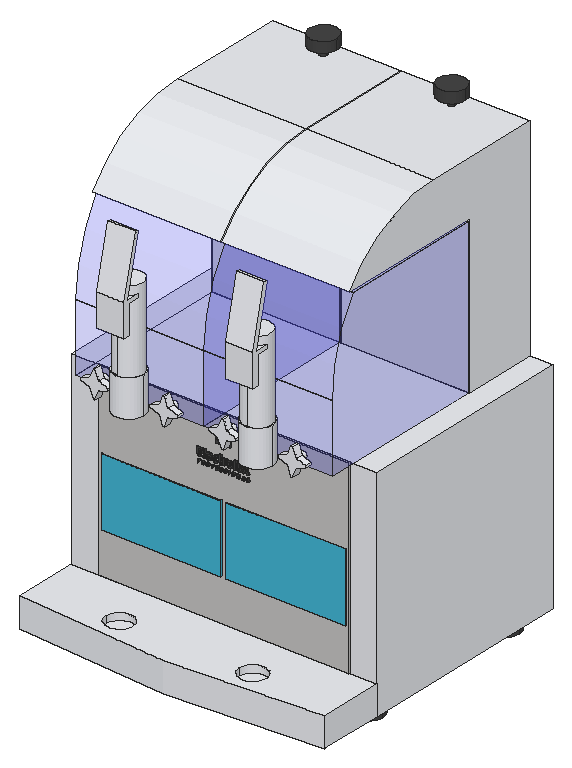
Revit family "QF_ELECTROLUXPROFESSIONAL_562529_GT2TR290", category Attrezzature speciali, Revit 2020
Family settings
  Quota connettore circolare = Usa diametro
  Tipo di parte = Normale
  Basato su piano di lavoro = No
  Sempre verticale = Sì
  Taglio con vuoti quando caricato = No
  Condiviso = No
  Punto di calcolo locali = No
Parameters (values of type "Standard")
  Weight = 46.00 kg
  Watts = 600 W
  Volts = 220 V
  URL Manufacturer = "https://www.electroluxprofessional.com/"
  URL = "https://www.electroluxprofessional.com/"
  Steam Supply Size = 0 mm
  Steam Supply Minimum Pressure = 0.0 Pa
  Steam Supply Maximum Pressure = 0.0 Pa
  Steam Consumption per Hour = 0
  Show Logo [instance] = yes
  Show Clearance [instance] = yes
  Refrigeration Suction Line Size = 0 mm
  Refrigeration Liquid Line Size = 0 mm
  Refrigerant Compressor Remote = yes
  Prospetto di default = 0 mm
  Produttore = "Electrolux Professional"
  Phase = 1
  Modello = "GT2TR290"
  Length Actual = 450 mm  # constant formula
  Item Number = "562529"
  Hot Water Size = 0 mm
  Height Actual = 650 mm  # constant formula
  HP = "0.8 HP"
  Gas Size = 0 mm
  Gas KW = 0
  Gas Input Pressure = 0 W
  Direct Waste Size = 0 mm
  Descrizione = "2X5 LT BOWL - FROZEN GRANITA, FROZEN CREAMS AND SOFT ICE CREAM DISPENSER - 2 INSULATED BOWLS -TOUCH SCREEN-WHITE,R290-UK"
  Depth Actual = 435 mm  # constant formula
  Cycle = 50 Hz
  Condensate Return Size = 0 mm
  Compressed Air Volume = 0.0 L/s
  Compressed Air Size = 0 mm
  Compressed Air Pressure = 0.0 Pa
  Cold Water Size = 0 mm
  Accessory = yes
Reference planes
  plane 1: z = 0
  plane 2 "LEFT": x = -300
  plane 3 "BACK": y = 282.5
  plane 4: z = 648.875
  plane 5: z = 340
  plane 6: z = 63
  plane 7: z = 677
  plane 8: x = 147
  plane 9: y = -149.837
Forms (mm)
  Extrusion 1, solid, material "QF_Finishes_White"
    sketch origin (0, -1.353, -30) x (1, 0, 0) y (0, 1, 0)
      loop
        line (-300, 283.853) -> (-300, -38.484) -> (147, -38.484) -> (147, 283.853) -> (-300, 283.853)
    from 50 to 370
  Extrusion 2, solid, material "QF_Finishes_Stainless Steel"
    sketch origin (16.697, 123.163, -87.462) x (1, 0, 0) y (0, 1, 0)
      loop
        line (90.303, -163) -> (-276.697, -163) -> (-276.697, -163.8) -> (90.303, -163.8) -> (90.303, -163)
    from 150.462 to 427.462
  Extrusion 3, solid, material "QF_Finishes_Stainless Steel"
    sketch origin (-356.596, -170.677, 18) x (0, -1, 0) y (1, 0, 0)
      loop
        line (-163.023, 407.596) -> (-163.023, 427.596) -> (-183.023, 427.596) -> (-183.023, 407.596) -> (-163.023, 407.596)
    from 0 to 2
Dimensions and locks
  plane 4 to level = 648.875 mm
  level to plane 7 = 677 mm
  plane 6 to level = 63 mm
  plane 5 to plane 6 = 277 mm
  plane 2 "LEFT" to plane 8 = 447 mm
  plane 9 to plane 3 "BACK" = 432.337 mm
  plane 5 to nested 11 = 246.5 mm
  plane 3 "BACK" to plane 9 = 432.337 mm
  aligned and locked: level to plane 1
Nested families
  nested 1: "MANOPOLA BEVERAGE" at (-220, -78.664, 353.538) x (0, 0, 1) z (0, -1, 0), type "MANOPOLA BEVERAGE"
  nested 2: "MANOPOLA BEVERAGE" at (-118, -78.664, 353.538) x (0, 0, 1) z (0, -1, 0), type "MANOPOLA BEVERAGE"
  nested 3: "PORTAGRANITE BEVERAGE-fat" at (-169, 107.419, 340), type "PORTAGRANITE BEVERAGE-fat"
  nested 4: "VASCHETTA BEVERAGE_Large_Doppio" at (-76.5, -39.837, 41.5) x (1, 0, 0) z (0, -1, 0), type "VASCHETTA BEVERAGE_Large_Doppio"
  nested 5: "ELX_LOGO_MONO_SMALL" at (-86.42, -40.637, 259.538) x (-1, 0, 0) z (0, -1, 0), Show Logo <- "Show Logo", visible <- "Show Logo", type "ELX_LOGO_MONO_SMALL"
  nested 6: "ELX_LOGO_WORDS" at (-76.5, -40.637, 274.149) x (1, 0, 0) z (0, -1, 0), visible <- "Show Logo", Show Logo <- "Show Logo", type "ELX_LOGO_WORDS"
  nested 7: "Piedino 20x19 mm - Beverage" at (-264, 240.5, 0), type "Piedino 20x19 mm - Beverage"
  nested 8: "Piedino 20x19 mm - Beverage" at (-264, -9.5, 0), type "Piedino 20x19 mm - Beverage"
  nested 9: "Piedino 20x19 mm - Beverage" at (113, 240.5, 0), type "Piedino 20x19 mm - Beverage"
  nested 10: "Piedino 20x19 mm - Beverage" at (113, -9.5, 0), type "Piedino 20x19 mm - Beverage"
  nested 11: "BOCCHETTONE BEVERAGE_Tozzo" at (-167.625, -78.664, 463) x (1, 0, 0) z (0, -1, 0), type "BOCCHETTONE BEVERAGE_Tozzo"
  nested 12: "MANOPOLA APERTURA BEVERAGE " at (-169, 257.5, 648.875) x (-1, 0, 0) z (0, 0, 1), type "MANOPOLA APERTURA BEVERAGE "
  nested 13: "PORTAGRANITE BEVERAGE-fat" at (19, 107.419, 340) x (-1, 0, 0) z (0, 0, 1), type "PORTAGRANITE BEVERAGE-fat"
  nested 14: "MANOPOLA APERTURA BEVERAGE " at (19, 257.5, 648.875), type "MANOPOLA APERTURA BEVERAGE "
  nested 15: "BOCCHETTONE BEVERAGE_Tozzo" at (21, -78.664, 463) x (-1, 0, 0) z (0, -1, 0), type "BOCCHETTONE BEVERAGE_Tozzo"
  nested 16: "MANOPOLA BEVERAGE" at (-32, -78.664, 353.538) x (0, 0, 1) z (0, -1, 0), type "MANOPOLA BEVERAGE"
  nested 17: "MANOPOLA BEVERAGE" at (70, -78.664, 353.538) x (0, 0, 1) z (0, -1, 0), type "MANOPOLA BEVERAGE"
  nested 18: "SCHERMO_TOUCH_BEVERAGE" at (-167.625, -40.637, 175) x (1, 0, 0) z (0, -1, 0), type "SCHERMO_TOUCH_BEVERAGE"
    with Show Logo yes
  nested 19: "SCHERMO_TOUCH_BEVERAGE" at (15.125, -40.637, 175) x (-1, 0, 0) z (0, -1, 0), type "SCHERMO_TOUCH_BEVERAGE"
    with Show Logo yes
Connectors
  electrical at (61, 2.346, 18), driven by "Volts"
    settings: on Extrusion 3, index 73, voltage 220 V, apparent load 0 VA, apparent load phase1 0 VA, apparent load phase2 0 VA, apparent load phase3 0 VA, power factor 1, load classification "Altro", number of poles 1, system type 30, power factor state 1, is connector primary yes, connector utility no, sub classification motor no, connector description "Electrical Connection"
Definition of nested family "MANOPOLA BEVERAGE"
  Parameters (values of type "MANOPOLA BEVERAGE")
    Default Elevation = 1219.2 mm
  Reference planes
    plane 1 "Centro (Fronte/Retro)": y = 0
    plane 2: z = 0
    plane 3 "Centro (Sinistra/Destra)": x = 0
    plane 4: z = 20
  Forms (mm)
    Extrusion 1, solid
      sketch origin (0, 0, 0) x (1, 0, 0) y (0, 1, 0)
        loop
          line (-1219.2, 1219.2) -> (-1219.2, -1219.2) -> (1219.2, -1219.2) -> (1219.2, 1219.2) -> (-1219.2, 1219.2)
      from 0 to -304.8
    Extrusion 2, solid
      sketch origin (0, 0, 10) x (1, 0, 0) y (0, 1, 0)
        loop
          line (-20, -1.333) -> (-6.314, -6.314) -> (-1.333, -20) -> (1.333, -20) -> (6.314, -6.314) -> (20, -1.333) -> (20, 1.333) -> (6.314, 6.314) -> (1.333, 20) -> (-1.333, 20) -> (-6.314, 6.314) -> (-20, 1.333) -> (-20, -1.333)
      from 0 to 10
    Extrusion 3, solid
      sketch origin (0, 0, 0) x (1, 0, 0) y (0, 1, 0)
        loop
          circle (0, 0) r 5
      from 0 to 10
  Dimensions and locks
    aligned and locked: plane 2 to Extrusion 1
    aligned and locked: level to Extrusion 1
Definition of nested family "PORTAGRANITE BEVERAGE-fat"
  Parameters (values of type "PORTAGRANITE BEVERAGE-fat")
    Default Elevation = 1219.2 mm
  Reference planes
    plane 1 "Centro (Fronte/Retro)": y = 0
    plane 2: z = 0
    plane 3 "Centro (Sinistra/Destra)": x = 0
    plane 4: x = -94
    plane 5: x = 94
  Forms (mm)
    Extrusion 1, solid
      sketch origin (0, 0, 0) x (1, 0, 0) y (0, 1, 0)
        loop
          line (-1219.2, 1219.2) -> (-1219.2, -1219.2) -> (1219.2, -1219.2) -> (1219.2, 1219.2) -> (-1219.2, 1219.2)
      from 0 to -304.8
    Extrusion 2, solid
      sketch origin (-94, -107.419, -376) x (0, 1, 0) y (0, 0, 1)
        loop
          line (172.5, 604.875) -> (172.5, 376) -> (282.5, 376) -> (282.5, 684.875) -> (107.419, 684.875)
          arc (107.419, 684.875) -> (20.241, 663.694) -> (-47.5, 604.875) r 190
          line (-47.5, 604.875) -> (172.5, 604.875)
      from 0 to 188
    Extrusion 3, solid
      sketch origin (-101.5, -107.419, -378) x (0, 1, 0) y (0, 0, 1)
        loop
          line (170.5, 378) -> (170.5, 603) -> (-39.5, 603)
          arc (-39.5, 603) -> (-68.644, 543.496) -> (-78.664, 478) r 219.065
          line (-78.664, 478) -> (-78.664, 378) -> (170.5, 378)
      from 7.5 to 195.5
  Dimensions and locks
    plane 4 to plane 5 = 188 mm  (x2)
    Extrusion 2 sketch curve to Extrusion 2 sketch curve = 330 mm
    Extrusion 2 to Extrusion 3 sketch curve = 361.164 mm
    Extrusion 2 sketch curve to Extrusion 1 = 308.875 mm
    Extrusion 2 to Extrusion 3 = 361.164 mm
    Extrusion 2 to Extrusion 1 = 308.875 mm
    aligned and locked: plane 2 to Extrusion 1
    aligned and locked: level to Extrusion 1
Definition of nested family "VASCHETTA BEVERAGE_Large_Doppio"
  Parameters (values of type "VASCHETTA BEVERAGE_Large_Doppio")
    Default Elevation = 1219.2 mm
    Length = 447 mm
    Heigth = 43 mm
    Deep = 110 mm
  Reference planes
    plane 1 "Centro (Fronte/Retro)": y = 0
    plane 2: z = 0
    plane 3 "Centro (Sinistra/Destra)": x = 0
    plane 4: z = 110
    plane 5: x = 223.5
    plane 6: x = -223.5
  Forms (mm)
    Extrusion 1, solid
      sketch origin (0, 0, 0) x (1, 0, 0) y (0, 1, 0)
        loop
          line (-1219.2, 1219.2) -> (-1219.2, -1219.2) -> (1219.2, -1219.2) -> (1219.2, 1219.2) -> (-1219.2, 1219.2)
      from 0 to -304.8
    Extrusion 2, void
      sketch origin (104.75, -88.5, -175) x (1, 0, 0) y (0, 0, -1)
        loop
          circle (-202.5, -244.664) r 20
      from 100 to 110
    Extrusion 3, solid
      sketch origin (0, -2.5, 0) x (1, 0, 0) y (0, 0, 1)
        loop
          arc (223.5, 95) -> (0, 110) -> (-223.5, 95) r 1672.575
          line (-223.5, 95) -> (-223.5, 0) -> (223.5, 0) -> (223.5, 95)
      from -24 to 19
    Extrusion 4, void
      sketch origin (-104.75, -88.5, -175) x (-1, 0, 0) y (0, 0, 1)
        loop
          circle (-202.5, 244.664) r 20
      from 100 to 110
  Cuts and joins
    Extrusion 2, Extrusion 4 cuts Extrusion 3
  Dimensions and locks
    "Heigth": Extrusion 3 to Extrusion 3
    "Length": plane 6 to plane 5
    "Deep": Extrusion 1 to plane 4
    aligned and locked: plane 2 to Extrusion 1
    aligned and locked: level to Extrusion 1
  Automatic sketch dimensions
    Extrusion 1 sketch curve to Extrusion 1 sketch curve = 2438.4 mm  (x2)
    plane 4 to Extrusion 2 sketch curve = 40.336 mm
    Extrusion 3 sketch curve to level = 0 mm
    plane 6 to Extrusion 3 sketch curve = 0 mm
    plane 3 "Centro (Sinistra/Destra)" to Extrusion 3 sketch curve = 0 mm
    plane 5 to Extrusion 3 sketch curve = 0 mm
    Extrusion 3 sketch curve to level = 1562.575 mm
    plane 4 to Extrusion 3 sketch curve = 15 mm
    plane 4 to Extrusion 4 sketch curve = 40.336 mm
    Extrusion 2 sketch curve to plane 3 "Centro (Sinistra/Destra)" = 97.75 mm
    plane 3 "Centro (Sinistra/Destra)" to Extrusion 4 sketch curve = 97.75 mm
    radius of Extrusion 2 sketch curve = 20 mm
    radius of Extrusion 4 sketch curve = 20 mm
Definition of nested family "ELX_LOGO_MONO_SMALL"
  Parameters (values of type "ELX_LOGO_MONO_SMALL")
    Show Logo [instance] = yes
    Default Elevation = 1219.2 mm
  Reference planes
    plane 1 "Center (Front/Back)": y = -49
    plane 2: z = 0
    plane 3 "Center (Left/Right)": x = -9.92
  Forms (mm)
    Extrusion 1, solid
      sketch origin (0, 0, 0) x (1, 0, 0) y (0, 1, 0)
        loop
          line (-1219.2, 1219.2) -> (-1219.2, -1219.2) -> (1219.2, -1219.2) -> (1219.2, 1219.2) -> (-1219.2, 1219.2)
      from 0 to -304.8
    Extrusion 2, solid, visible <- "Show Logo"
      sketch origin (84.462, 509.781, 0) x (1, 0, 0) y (0, 1, 0)
        loop
          line (-97.132, -567.787) -> (-97.132, -549.816)
          arc (-97.132, -549.816) -> (-103.775, -558.801) -> (-97.132, -567.787) r 9.398
        loop
          arc (-96.218, -567.787) -> (-88.745, -566.088) -> (-85.144, -559.322) r 9.21
          line (-85.144, -559.322) -> (-88.117, -559.322)
          arc (-88.117, -559.322) -> (-93.428, -561.478) -> (-96.218, -566.485) r 8.633
          line (-96.218, -566.485) -> (-96.218, -567.787)
        loop
          arc (-96.218, -551.117) -> (-93.428, -556.124) -> (-88.117, -558.28) r 8.633
          line (-88.117, -558.28) -> (-85.144, -558.28)
          arc (-85.144, -558.28) -> (-88.739, -551.459) -> (-96.218, -549.585) r 9.451
          line (-96.218, -549.585) -> (-96.218, -551.117)
        loop
          line (-84.462, -568.767) -> (-84.462, -548.794) -> (-104.462, -548.794) -> (-104.462, -568.767) -> (-84.462, -568.767)
      from 0 to 1.644
  Dimensions and locks
    aligned and locked: plane 2 to Extrusion 1
    aligned and locked: level to Extrusion 1
Definition of nested family "ELX_LOGO_WORDS"
  Parameters (values of type "ELX_LOGO_WORDS")
    Show Logo [instance] = yes
    Default Elevation = 0 mm
  Reference planes
    plane 1 "Centro (Fronte/Retro)": y = 0
    plane 2: z = 0
    plane 3 "Centro (Sinistra/Destra)": x = 0
  Forms (mm)
    Extrusion 1, solid
      sketch origin (0, 0, 0) x (1, 0, 0) y (0, 1, 0)
        loop
          line (-1219.2, 1219.2) -> (-1219.2, -1219.2) -> (1219.2, -1219.2) -> (1219.2, 1219.2) -> (-1219.2, 1219.2)
      from 0 to -304.8
    Extrusion 2, solid, visible <- "Show Logo"
      sketch origin (0, 0, 0) x (1, 0, 0) y (0, 1, 0)
        loop
          line (-30.234, 10.561) -> (-37.67, 10.561) -> (-37.67, 1.902)
          arc (-37.67, 1.902) -> (-36.691, -0.461) -> (-34.329, -1.439) r 3.341
          line (-34.329, -1.439) -> (-30.09, -1.439) -> (-30.09, 0.503) -> (-33.845, 0.503)
          arc (-33.845, 0.503) -> (-35.079, 0.92) -> (-35.604, 2.112) r 1.615
          line (-35.604, 2.112) -> (-35.604, 3.829) -> (-30.555, 3.829) -> (-30.555, 5.779) -> (-35.604, 5.779) -> (-35.604, 8.617) -> (-30.234, 8.617) -> (-30.234, 10.561)
        loop
          line (-28.622, 10.561) -> (-28.622, -1.439) -> (-26.555, -1.439) -> (-26.555, 10.561) -> (-28.622, 10.561)
        loop
          line (16.27, 10.561) -> (16.27, -1.439) -> (18.338, -1.439) -> (18.338, 10.561) -> (16.27, 10.561)
        loop
          line (-23.137, 2.393) -> (-16.354, 2.393)
          arc (-16.354, 2.393) -> (-17.415, 6.119) -> (-21.043, 7.478) r 4.298
          arc (-21.043, 7.478) -> (-24.239, 5.857) -> (-25.151, 2.393) r 4.373
          arc (-25.151, 2.393) -> (-23.951, -0.505) -> (-21.053, -1.705) r 4.097
          arc (-21.053, -1.705) -> (-18.799, -1.372) -> (-16.908, -0.099) r 5.15
          line (-16.908, -0.099) -> (-18.133, 1.125)
          arc (-18.133, 1.125) -> (-19.74, 0.161) -> (-21.607, 0.323) r 3.039
          arc (-21.607, 0.323) -> (-22.746, 1.081) -> (-23.137, 2.393) r 2.013
        loop
          line (-23.085, 3.846) -> (-18.431, 3.846)
          arc (-18.431, 3.846) -> (-19.084, 5.22) -> (-20.519, 5.727) r 1.983
          arc (-20.519, 5.727) -> (-22.175, 5.295) -> (-23.085, 3.846) r 2.321
        loop
          line (-8.297, 4.711) -> (-6.999, 6.009)
          arc (-6.999, 6.009) -> (-8.627, 7.187) -> (-10.604, 7.539) r 4.497
          arc (-10.604, 7.539) -> (-13.621, 6.437) -> (-15.204, 3.642) r 4.652
          arc (-15.204, 3.642) -> (-12.536, -1.257) -> (-7.072, -0.127) r 4.684
          line (-7.072, -0.127) -> (-8.363, 1.163)
          arc (-8.363, 1.163) -> (-11.149, 0.242) -> (-13.145, 2.393) r 2.714
          arc (-13.145, 2.393) -> (-13.006, 4.094) -> (-11.835, 5.335) r 2.578
          arc (-11.835, 5.335) -> (-9.96, 5.621) -> (-8.297, 4.711) r 2.961
        loop
          line (-5.73, 10.561) -> (-5.73, 2.36)
          arc (-5.73, 2.36) -> (-5.551, 1.13) -> (-5.09, -0.025) r 5.301
          arc (-5.09, -0.025) -> (-3.615, -1.198) -> (-1.746, -1.445) r 3.531
          line (-1.746, -1.445) -> (-1.746, 0.492)
          arc (-1.746, 0.492) -> (-2.302, 0.534) -> (-2.82, 0.74) r 1.862
          arc (-2.82, 0.74) -> (-3.484, 1.442) -> (-3.662, 2.393) r 1.713
          line (-3.662, 2.393) -> (-3.662, 5.362) -> (-1.785, 5.362) -> (-1.785, 7.24) -> (-3.662, 7.24) -> (-3.662, 10.561) -> (-5.73, 10.561)
        loop
          arc (2.004, 3.123) -> (2.152, 3.988) -> (2.578, 4.755) r 2.607
          arc (2.578, 4.755) -> (3.817, 5.391) -> (5.208, 5.362) r 2.84
          line (5.208, 5.362) -> (5.208, 7.349)
          arc (5.208, 7.349) -> (3.39, 7.177) -> (2.004, 5.989) r 3.016
          line (2.004, 5.989) -> (2.004, 7.24) -> (-0.046, 7.24) -> (-0.046, -1.439) -> (2.004, -1.439) -> (2.004, 3.123)
        loop
          circle (10.262, 2.899) r 4.599
        loop
          circle (10.262, 2.899) r 2.787
        loop
          arc (25.793, 2.175) -> (25.283, 0.772) -> (23.898, 0.213) r 1.835
          arc (23.898, 0.213) -> (22.514, 0.772) -> (22.004, 2.175) r 1.835
          line (22.004, 2.175) -> (22.004, 7.24) -> (19.919, 7.24) -> (19.919, 2.003)
          arc (19.919, 2.003) -> (21.105, -0.701) -> (23.898, -1.659) r 3.675
          arc (23.898, -1.659) -> (26.723, -0.672) -> (27.877, 2.088) r 3.675
          line (27.877, 2.088) -> (27.877, 7.24) -> (25.793, 7.24) -> (25.793, 2.175)
        loop
          line (29.126, 7.24) -> (32.128, 3.164) -> (28.83, -1.442) -> (31.052, -1.442) -> (33.241, 1.615) -> (35.462, -1.442) -> (37.67, -1.442) -> (34.419, 3.211) -> (37.392, 7.24) -> (35.135, 7.24) -> (33.234, 4.663) -> (31.362, 7.24) -> (29.126, 7.24)
        loop
          line (-35.875, -6.414) -> (-37.523, -6.414) -> (-37.523, -10.564) -> (-36.621, -10.564) -> (-36.621, -9.135) -> (-35.625, -9.135)
          arc (-35.625, -9.135) -> (-34.509, -7.66) -> (-35.875, -6.414) r 1.372
        loop
          arc (-35.664, -8.32) -> (-35.322, -7.786) -> (-35.664, -7.253) r 0.587
          line (-35.664, -7.253) -> (-36.621, -7.253) -> (-36.621, -8.32) -> (-35.664, -8.32)
        loop
          line (-29.363, -6.414) -> (-31.04, -6.414) -> (-31.04, -10.564) -> (-30.138, -10.564) -> (-30.138, -9.135) -> (-29.265, -9.135) -> (-28.669, -10.564) -> (-27.7, -10.564) -> (-28.516, -8.814)
          arc (-28.516, -8.814) -> (-28.125, -8.347) -> (-27.994, -7.752) r 1.281
          arc (-27.994, -7.752) -> (-28.406, -6.804) -> (-29.363, -6.414) r 1.37
        loop
          line (-30.138, -7.253) -> (-30.138, -8.32) -> (-29.18, -8.32)
          arc (-29.18, -8.32) -> (-28.839, -7.786) -> (-29.18, -7.253) r 0.587
          line (-29.18, -7.253) -> (-30.138, -7.253)
        loop
          circle (-22.402, -8.489) r 2.156
        loop
          circle (-22.402, -8.489) r 1.368
        loop
          line (-16.703, -6.414) -> (-16.703, -10.564) -> (-15.823, -10.564) -> (-15.823, -9.114) -> (-14.261, -9.114) -> (-14.261, -8.184) -> (-15.823, -8.184) -> (-15.823, -7.308) -> (-14.111, -7.308) -> (-14.111, -6.414) -> (-16.703, -6.414)
        loop
          line (-10.611, -6.414) -> (-10.611, -9.216)
          arc (-10.611, -9.216) -> (-10.229, -10.166) -> (-9.284, -10.561) r 1.327
          line (-9.284, -10.561) -> (-7.945, -10.561) -> (-7.945, -9.777) -> (-9.204, -9.777)
          arc (-9.204, -9.777) -> (-9.668, -9.394) -> (-9.759, -8.799) r 0.845
          line (-9.759, -8.799) -> (-8.1, -8.799) -> (-8.1, -8.015) -> (-9.759, -8.015) -> (-9.759, -7.198) -> (-7.985, -7.198) -> (-7.985, -6.414) -> (-10.611, -6.414)
        loop
          arc (4.417, -6.94) -> (3.867, -6.489) -> (3.171, -6.345) r 1.485
          arc (3.171, -6.345) -> (2.528, -6.503) -> (2, -6.902) r 1.645
          arc (2, -6.902) -> (1.902, -7.844) -> (2.51, -8.571) r 1.217
          arc (2.51, -8.571) -> (3.021, -8.741) -> (3.506, -8.976) r 4.201
          arc (3.506, -8.976) -> (3.812, -9.337) -> (3.601, -9.761) r 0.43
          arc (3.601, -9.761) -> (3.209, -9.853) -> (2.819, -9.754) r 0.846
          arc (2.819, -9.754) -> (2.482, -9.511) -> (2.275, -9.15) r 0.983
          line (2.275, -9.15) -> (1.549, -9.489)
          arc (1.549, -9.489) -> (1.811, -9.993) -> (2.232, -10.374) r 1.595
          arc (2.232, -10.374) -> (2.71, -10.578) -> (3.227, -10.63) r 1.719
          arc (3.227, -10.63) -> (3.867, -10.503) -> (4.442, -10.197) r 2.246
          arc (4.442, -10.197) -> (4.697, -9.52) -> (4.566, -8.81) r 1.349
          arc (4.566, -8.81) -> (4.282, -8.482) -> (3.919, -8.245) r 1.564
          arc (3.919, -8.245) -> (3.46, -8.04) -> (2.99, -7.864) r 8.236
          arc (2.99, -7.864) -> (2.718, -7.441) -> (3.111, -7.128) r 0.375
          arc (3.111, -7.128) -> (3.581, -7.241) -> (3.943, -7.563) r 0.998
          line (3.943, -7.563) -> (4.417, -6.94)
        loop
          line (8.225, -6.414) -> (8.225, -10.561) -> (9.077, -10.561) -> (9.077, -6.414) -> (8.225, -6.414)
        loop
          circle (14.827, -8.488) r 1.29
        loop
          circle (14.827, -8.488) r 2.154
        loop
          line (20.548, -10.561) -> (21.409, -10.561) -> (21.409, -7.954) -> (23.306, -10.561) -> (24.135, -10.561) -> (24.135, -6.414) -> (23.274, -6.414) -> (23.274, -9.101) -> (21.377, -6.414) -> (20.548, -6.414) -> (20.548, -10.561)
        loop
          line (28.435, -10.561) -> (28.839, -9.667) -> (30.373, -9.667) -> (30.777, -10.561) -> (31.693, -10.561) -> (29.942, -6.414) -> (29.142, -6.414) -> (27.519, -10.561) -> (28.435, -10.561)
        loop
          line (29.99, -8.816) -> (29.579, -7.905) -> (29.18, -8.816) -> (29.99, -8.816)
        loop
          line (35.929, -9.777) -> (35.929, -6.414) -> (35.076, -6.414) -> (35.076, -10.561) -> (37.523, -10.561) -> (37.523, -9.777) -> (35.929, -9.777)
        loop
          arc (-1.8, -6.94) -> (-2.35, -6.489) -> (-3.046, -6.345) r 1.485
          arc (-3.046, -6.345) -> (-3.689, -6.503) -> (-4.218, -6.902) r 1.645
          arc (-4.218, -6.902) -> (-4.316, -7.844) -> (-3.708, -8.571) r 1.217
          arc (-3.708, -8.571) -> (-3.197, -8.741) -> (-2.712, -8.976) r 4.201
          arc (-2.712, -8.976) -> (-2.405, -9.337) -> (-2.616, -9.761) r 0.43
          arc (-2.616, -9.761) -> (-3.008, -9.853) -> (-3.399, -9.754) r 0.846
          arc (-3.399, -9.754) -> (-3.736, -9.511) -> (-3.942, -9.15) r 0.983
          line (-3.942, -9.15) -> (-4.668, -9.489)
          arc (-4.668, -9.489) -> (-4.407, -9.993) -> (-3.985, -10.374) r 1.595
          arc (-3.985, -10.374) -> (-3.507, -10.578) -> (-2.99, -10.63) r 1.719
          arc (-2.99, -10.63) -> (-2.351, -10.503) -> (-1.775, -10.197) r 2.246
          arc (-1.775, -10.197) -> (-1.521, -9.52) -> (-1.652, -8.81) r 1.349
          arc (-1.652, -8.81) -> (-1.936, -8.482) -> (-2.298, -8.245) r 1.564
          arc (-2.298, -8.245) -> (-2.757, -8.04) -> (-3.228, -7.864) r 8.236
          arc (-3.228, -7.864) -> (-3.5, -7.441) -> (-3.107, -7.128) r 0.375
          arc (-3.107, -7.128) -> (-2.636, -7.241) -> (-2.274, -7.563) r 0.998
          line (-2.274, -7.563) -> (-1.8, -6.94)
      from 0 to 1.644
  Dimensions and locks
    aligned and locked: plane 2 to Extrusion 1
    aligned and locked: level to Extrusion 1
Definition of nested family "Piedino 20x19 mm - Beverage"
  Parameters (values of type "Piedino 20x19 mm - Beverage")
    Default Elevation = 0 mm
    P = 930 mm
    L = 400 mm
    H = 290 mm
  Reference planes
    plane 1: y = 0
    plane 2: z = 0
    plane 3: x = 0
    plane 4: z = 290
    plane 5: z = 24
    plane 6: z = 55
  Forms (mm)
    Extrusion 1, solid
      sketch origin (-373.847, 979.72, 0) x (1, 0, 0) y (0, 1, 0)
        loop
          circle (373.847, -979.72) r 19
      from 0 to 20
  Dimensions and locks
    "H": plane 4 to level
    plane 4 to plane 5 to level = 266 mm, 24 mm
    level to plane 6 = 55 mm
    aligned and locked: level to plane 2
  Automatic sketch dimensions
    plane 3 to Extrusion 1 sketch curve = 0 mm
    plane 1 to Extrusion 1 sketch curve = 0 mm
    radius of Extrusion 1 sketch curve = 19 mm
Definition of nested family "BOCCHETTONE BEVERAGE_Tozzo"
  Parameters (values of type "BOCCHETTONE BEVERAGE_Tozzo")
    Default Elevation = 1219.2 mm
  Reference planes
    plane 1 "Centro (Fronte/Retro)": y = 0
    plane 2: z = 0
    plane 3 "Centro (Sinistra/Destra)": x = 0
    plane 4: y = -123.5
    plane 5: y = 123.5
    plane 6: z = 22.09
  Forms (mm)
    Extrusion 1, solid
      sketch origin (0, 0, 0) x (1, 0, 0) y (0, 1, 0)
        loop
          line (-1219.2, 1219.2) -> (-1219.2, -1219.2) -> (1219.2, -1219.2) -> (1219.2, 1219.2) -> (-1219.2, 1219.2)
      from 0 to -304.8
    Extrusion 2, solid
      sketch origin (0, -51.625, 19.664) x (0, 0, 1) y (1, 0, 0)
        loop
          circle (2.426, 0) r 20
      from -18.353 to 101.625
    Extrusion 3, void
      sketch origin (-4.375, -126.625, 34.086) x (1, 0, 0) y (0, 0, -1)
        loop
          line (27.179, -16.141) -> (27.179, 12.684) -> (6.226, 12.684) -> (6.226, -10.188) -> (21.226, -10.188) -> (27.179, -16.141)
        loop
          line (-18.429, -16.141) -> (-12.476, -10.188) -> (2.524, -10.188) -> (2.524, 12.684) -> (-18.429, 12.684) -> (-18.429, -16.141)
      from 104.337 to 159.894
    Extrusion 4, solid
      sketch origin (25, -97.404, 18.125) x (0, 0, 1) y (0, 1, 0)
        loop
          line (11.922, 135.839) -> (11.922, 88.779) -> (37.961, 88.779) -> (37.961, 136.453) -> (16.929, 220.809) -> (12.077, 219.599) -> (32.961, 135.839) -> (11.922, 135.839)
      from 5 to 45
    Extrusion 5, solid
      sketch origin (0, -126.625, 25.97) x (1, 0, 0) y (0, 0, -1)
        loop
          circle (0, 3.97) r 22
      from 3.125 to 56.647
  Cuts and joins
    Extrusion 3 cuts Extrusion 4
    joined: Extrusion 2, Extrusion 4
  Dimensions and locks
    plane 5 to plane 4 = 247 mm
    plane 5 to plane 1 "Centro (Fronte/Retro)" to plane 4 = 123.5 mm, 123.5 mm
    cut or joined group of Extrusion 2, Extrusion 3, Extrusion 4 to Extrusion 1 = 56.086 mm
    aligned and locked: plane 2 to Extrusion 1
    aligned and locked: level to Extrusion 1
Definition of nested family "MANOPOLA APERTURA BEVERAGE "
  Parameters (values of type "MANOPOLA APERTURA BEVERAGE ")
    Default Elevation = 1219.2 mm
  Reference planes
    plane 1 "Centro (Fronte/Retro)": y = 0
    plane 2: z = 0
    plane 3 "Centro (Sinistra/Destra)": x = 0
    plane 4: z = 27
  Forms (mm)
    Extrusion 1, solid
      sketch origin (0, 0, 0) x (1, 0, 0) y (0, 1, 0)
        loop
          line (-1219.2, 1219.2) -> (-1219.2, -1219.2) -> (1219.2, -1219.2) -> (1219.2, 1219.2) -> (-1219.2, 1219.2)
      from 0 to -304.8
    Extrusion 2, solid
      sketch origin (0, 0, 0) x (1, 0, 0) y (0, 1, 0)
        loop
          circle (0, 0) r 5
      from 0 to 12
    Extrusion 3, solid
      sketch origin (0, 0, 12) x (1, 0, 0) y (0, 1, 0)
        loop
          circle (0, 0) r 20
      from 0 to 15
  Dimensions and locks
    Extrusion 1 to plane 4 = 27 mm
    aligned and locked: plane 2 to Extrusion 1
    aligned and locked: level to Extrusion 1
Definition of nested family "SCHERMO_TOUCH_BEVERAGE"
  Parameters (values of type "SCHERMO_TOUCH_BEVERAGE")
    Show Logo [instance] = yes
    Default Elevation = 1219.2 mm
  Reference planes
    plane 1 "Centro (Fronte/Retro)": y = 0
    plane 2: z = 0
    plane 3 "Centro (Sinistra/Destra)": x = 0
  Forms (mm)
    Extrusion 1, solid
      sketch origin (0, 0, 0) x (1, 0, 0) y (0, 1, 0)
        loop
          line (-1219.2, 1219.2) -> (-1219.2, -1219.2) -> (1219.2, -1219.2) -> (1219.2, 1219.2) -> (-1219.2, 1219.2)
      from 0 to -304.8
    Extrusion 2, solid
      sketch origin (118.389, -572.596, 0) x (-1, 0, 0) y (0, -1, 0)
        loop
          line (205.889, -622.596) -> (205.889, -522.596) -> (30.889, -522.596) -> (30.889, -622.596) -> (205.889, -622.596)
      from 0 to 1
  Dimensions and locks
    aligned and locked: plane 2 to Extrusion 1
    aligned and locked: level to Extrusion 1
